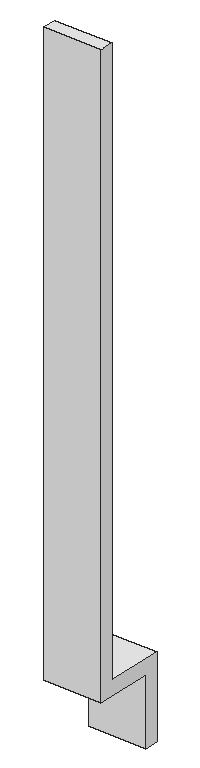
Revit family "0fe7a6825880451a877ef398464f07d3", category Casework, Revit 2021
Family settings
  OmniClass Number = 23.40.35.17.47.11
  OmniClass Title = Kitchen Casework
  Seek Item ID = Base Cabinet-Filler-0000-USA-ENU
  Work Plane-Based = No
  Always vertical = Yes
  Cut with Voids When Loaded = No
  Shared = No
  Room Calculation Point = No
Parameters
  Default Elevation = 0' - 0"
  Assembly Code = "C1030410"
  Cabinet Material = none
  Depth = 2' - 0"
  Height = 2' - 10 1/2"
  Toe Depth = 0' - 3"
  Toe Height = 0' - 3 1/2"
  Width [instance] = 0' - 3"
Reference planes (in)
  plane 1 "Back": y = 0
  plane 2: z = 0
  plane 3 "Center": x = 0.7377
  plane 4 "Left": x = -0.7623
  plane 5 "Right": x = 2.2377
  plane 6 "Front": y = -24
  plane 7 "Top": z = 34.5
  plane 8: y = -21
  plane 9: z = 3.5
  plane 10: z = 33.75
  plane 11: z = 4.25
Forms (in)
  Sweep 1, solid, material <- "Cabinet Material"
    path origin (0, 0, 0) x (1, 0, 0) y (0, 1, 0)
      loop
        line (2.2377, -24) -> (-0.7623, -24)
    profile origin (0.7377, 0, 0) x (0, -1, 0) y (0, 0, 1)
      loop
        line (21, 3.5) -> (24, 3.5) -> (24, 34.5) -> (23.25, 34.5) -> (23.25, 4.25) -> (20.25, 4.25) -> (20.25, 0) -> (21, 0) -> (21, 3.5)
Lines and regions (in)
  Masking region 1
    outline origin (0, 0, 0) x (1, 0, 0) y (0, 1, 0)
      loop
        line (-0.7623, 0) -> (-0.7623, -24) -> (2.2377, -24) -> (2.2377, 0) -> (-0.7623, 0)
Dimensions and locks (in)
  "Depth": plane 6 "Front" to plane 1 "Back"
  "Width": plane 4 "Left" to plane 5 "Right"
  equal spacing: plane 4 "Left", plane 3 "Center", plane 5 "Right"
  "Height": level to plane 7 "Top"
  "Toe Height": plane 2 to plane 9
  "Toe Depth": plane 6 "Front" to plane 8
  locked: plane 7 "Top" to plane 10 at 0.75
  locked: plane 11 to plane 9 at 0.75
  aligned and locked: Sweep 1 sketch curve to plane 6 "Front"
  aligned and locked: plane 7 "Top" to Sweep 1 sketch curve
  aligned and locked: Sweep 1 sketch curve to plane 9
  aligned and locked: plane 6 "Front" to Sweep 1 sketch curve
  aligned and locked: Sweep 1 sketch curve to plane 8
  aligned and locked: plane 2 to Sweep 1 sketch curve
  aligned and locked: plane 1 "Back" to Masking region 1 sketch curve
  aligned and locked: plane 5 "Right" to Masking region 1 sketch curve
  aligned and locked: Masking region 1 sketch curve to plane 4 "Left"
  aligned and locked: Masking region 1 sketch curve to plane 6 "Front"
Automatic sketch dimensions
  Sweep 1 sketch curve to plane 5 "Right" = 0' - 0"
  Sweep 1 sketch curve to plane 4 "Left" = 0' - 0"
  Sweep 1 sketch curve to Sweep 1 sketch curve = 0' - 0 3/4"  (x2)
  profile plane to Sweep 1 sketch curve = 0' - 0 3/4"
